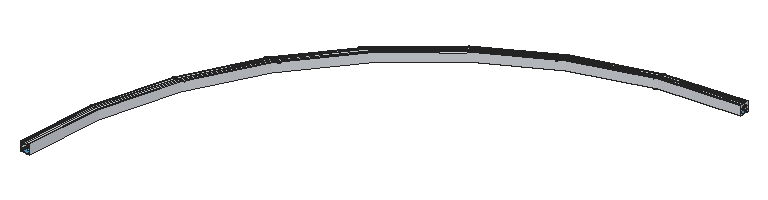
Revit family "P3535.90", category Luminarias, Revit 2019
Family settings
  Cota de conector redondo = Diámetro de uso
  Tipo de pieza = Normal
  Se basa en plano de trabajo = Sí
  Siempre vertical = No
  Corte con vacíos al cargar = No
  Origen de luz = No
  Compartido = No
  Punto de cálculo de habitación = No
Parameters (values of type "P3535.90")
  Zone [instance] = ""
  Watt per fixture [instance] = 25.6
  Modelo = "P3535.90"
  Lámpara = "Tablilla"
  Fabricante = "BRILLANT"
  Default Elevation = 0 mm
  Descripción = "PERFIL DE ALUMINIO CURVO PARA SUSPENDER, EMPOTRAR Y SOBREPONER DE 2.35M DE PERFIL CON UN MATERIAL DE ALUMINIO ANODIZADO Y DIMENSIONES DE 35X35MM PESO DE 1KG POR PERFIL, TABLILLA LED CON UNA POTENCIA DE 25.6W, TEMPERATURA DE COLOR A BLANCO CALIDO 3000K, CORTE A CADA 1500MM/14 LEDs, 1300lm/pcs, IRC 80, ALIMENTADO A 24V. REQUIERE ACCESORIOS."
  Costo USD_P3535.90 [instance] = 77.95  # constant formula
  Costo = 0
  Comentarios de vataje = "24V"
  Circuit [instance] = ""
  Ancho = 35 mm
  Altura = 35 mm
Reference planes
  plane 1 "Centro (Frontal/Posterior)": y = 0
  plane 2: z = 0
  plane 3 "Centro (Izquierda/Derecha)": x = 0
  plane 4: x = 0
  plane 5: z = 35
Forms (mm)
  Sweep 1, solid
    path origin (1500, 0, 0) x (1, 0, 0) y (0, 1, 0)
      loop
        arc (0, 1497.5) -> (-1060.66, 1058.16) -> (-1500, -2.5) r 1500
    profile origin (439.34, 1058.16, 0) x (0.707107, -0.707107, 0) y (0, 0, 1)
      loop
        line (8.748, 31.312) -> (-8.748, 31.312) -> (-8.748, 33.234) -> (-5.439, 33.234) -> (-5.439, 35) -> (-12.591, 35) -> (-12.591, 31.312) -> (-14.923, 31.312) -> (-14.923, 33.798) -> (-15.765, 35) -> (-16.623, 35) -> (-17.5, 34.123) -> (-17.5, 0) -> (-13.502, 0) -> (-13.502, 0.8) -> (-14.667, 0.8) -> (-14.667, 1.6) -> (-12.785, 1.6) -> (-12.785, 2.494) -> (-15.031, 2.494) -> (-15.031, 3.616) -> (-12.785, 3.616) -> (-12.785, 4.416) -> (-16.669, 4.416) -> (-16.669, 13.495) -> (-12.25, 13.495) -> (-12.25, 17.356) -> (-13.05, 17.356) -> (-13.05, 16.401) -> (-16.669, 16.401) -> (-16.669, 25.28) -> (-13.162, 25.28) -> (-13.162, 24.164) -> (-12.25, 24.164) -> (-12.25, 26.726) -> (-16.669, 26.726) -> (-16.669, 28.95) -> (16.669, 28.95) -> (16.669, 26.726) -> (12.25, 26.726) -> (12.25, 24.164) -> (13.162, 24.164) -> (13.162, 25.28) -> (16.669, 25.28) -> (16.669, 16.401) -> (13.05, 16.401) -> (13.05, 17.356) -> (12.25, 17.356) -> (12.25, 13.495) -> (16.669, 13.495) -> (16.669, 4.416) -> (12.785, 4.416) -> (12.785, 3.616) -> (15.031, 3.616) -> (15.031, 2.494) -> (12.785, 2.494) -> (12.785, 1.6) -> (14.667, 1.6) -> (14.667, 0.8) -> (13.502, 0.8) -> (13.502, 0) -> (17.5, 0) -> (17.5, 34.123) -> (16.623, 35) -> (15.765, 35) -> (14.923, 33.798) -> (14.923, 31.312) -> (12.591, 31.312) -> (12.591, 35) -> (5.439, 35) -> (5.439, 33.234) -> (8.748, 33.234) -> (8.748, 31.312)
  Sweep 2, solid, material "Cristal"
    path origin (1500, 0, -3.649) x (1, 0, 0) y (0, 1, 0)
      loop
        arc (0, 1497.5) -> (-1060.66, 1058.16) -> (-1500, -2.5) r 1500
    profile origin (439.34, 1058.16, -3.649) x (0.707107, -0.707107, 0) y (0, 0, 1)
      loop
        line (-14.667, 5.249) -> (-14.667, 4.449) -> (14.667, 4.449) -> (14.667, 5.249) -> (-14.667, 5.249)
Dimensions and locks
  "Altura": plane 5 to plane 2
  aligned and locked: level to plane 2
Automatic sketch dimensions
  Sweep 1 sketch curve to level = 0 mm  (x2)
  profile plane to Sweep 1 sketch curve = 17.5 mm
  Sweep 1 sketch curve to Sweep 1 sketch curve = 0.831 mm
  Sweep 1 sketch curve to Sweep 1 sketch curve = 0 mm  (x6)
  Sweep 1 sketch curve to Sweep 1 sketch curve = 0.877 mm  (x2)
  Sweep 1 sketch curve to Sweep 1 sketch curve = 0.859 mm  (x2)
  Sweep 1 sketch curve to Sweep 1 sketch curve = 1.639 mm  (x2)
  Sweep 1 sketch curve to Sweep 1 sketch curve = 0.842 mm  (x2)
  level to Sweep 1 sketch curve = 0.8 mm  (x2)
  Sweep 1 sketch curve to Sweep 1 sketch curve = 0.364 mm  (x2)
  Sweep 1 sketch curve to Sweep 1 sketch curve = 1.164 mm  (x2)
  Sweep 1 sketch curve to Sweep 1 sketch curve = 3.508 mm
  Sweep 1 sketch curve to Sweep 1 sketch curve = 3.619 mm  (x2)
  Sweep 1 sketch curve to Sweep 1 sketch curve = 0.717 mm  (x2)
  Sweep 1 sketch curve to Sweep 1 sketch curve = 2.332 mm  (x2)
  Sweep 1 sketch curve to Sweep 1 sketch curve = 0.912 mm  (x2)
  Sweep 1 sketch curve to Sweep 1 sketch curve = 0.8 mm  (x5)
  Sweep 1 sketch curve to Sweep 1 sketch curve = 3.843 mm  (x2)
  Sweep 1 sketch curve to Sweep 1 sketch curve = 3.309 mm  (x2)
  Sweep 1 sketch curve to profile plane = 5.439 mm
  Sweep 1 sketch curve to Sweep 1 sketch curve = 3.502 mm
  level to Sweep 1 sketch curve = 2.494 mm
  Sweep 1 sketch curve to Sweep 1 sketch curve = 0.535 mm
  Sweep 1 sketch curve to Sweep 1 sketch curve = 1.746 mm
  Sweep 1 sketch curve to Sweep 1 sketch curve = 0.894 mm  (x2)
  Sweep 1 sketch curve to Sweep 1 sketch curve = 1.123 mm  (x2)
  Sweep 1 sketch curve to Sweep 1 sketch curve = 9.079 mm  (x2)
  Sweep 1 sketch curve to Sweep 1 sketch curve = 2.906 mm  (x2)
  Sweep 1 sketch curve to Sweep 1 sketch curve = 0.955 mm  (x2)
  Sweep 1 sketch curve to Sweep 1 sketch curve = 6.808 mm  (x2)
  Sweep 1 sketch curve to Sweep 1 sketch curve = 1.116 mm  (x2)
  Sweep 1 sketch curve to Sweep 1 sketch curve = 1.446 mm  (x2)
  Sweep 1 sketch curve to Sweep 1 sketch curve = 2.225 mm
  Sweep 1 sketch curve to Sweep 1 sketch curve = 4.586 mm
  Sweep 1 sketch curve to Sweep 1 sketch curve = 2.362 mm
  Sweep 1 sketch curve to Sweep 1 sketch curve = 1.921 mm  (x2)
  Sweep 1 sketch curve to Sweep 1 sketch curve = 2.485 mm  (x2)
  Sweep 1 sketch curve to Sweep 1 sketch curve = 0.326 mm  (x2)
  Sweep 1 sketch curve to Sweep 1 sketch curve = 1.202 mm  (x3)
  Sweep 1 sketch curve to Sweep 1 sketch curve = 1.766 mm
  profile plane to Sweep 2 sketch curve = 4.449 mm
  Sweep 2 sketch curve to profile plane = 14.667 mm
  profile plane to Sweep 2 sketch curve = 5.249 mm
  profile plane to Sweep 2 sketch curve = 14.667 mm
  Sweep 1 sketch curve to plane 3 "Centro (Izquierda/Derecha)" = 0 mm
  plane 1 "Centro (Frontal/Posterior)" to Sweep 1 sketch curve = 2.5 mm
  plane 3 "Centro (Izquierda/Derecha)" to Sweep 1 sketch curve = 1500 mm
  Sweep 2 sketch curve to plane 3 "Centro (Izquierda/Derecha)" = 0 mm
  plane 1 "Centro (Frontal/Posterior)" to Sweep 2 sketch curve = 2.5 mm
  plane 3 "Centro (Izquierda/Derecha)" to Sweep 2 sketch curve = 1500 mm
Connectors
  electrical at (0, -2.5, 18.61)
    settings: on Sweep 1, index 1, voltage 24 V, apparent load 0 VA, apparent load phase1 0 VA, apparent load phase2 0 VA, apparent load phase3 0 VA, power factor 1, load classification "Otro", number of poles 1, system type 31, power factor state 1, is connector primary yes, connector utility no, sub classification motor no, connector description ""
